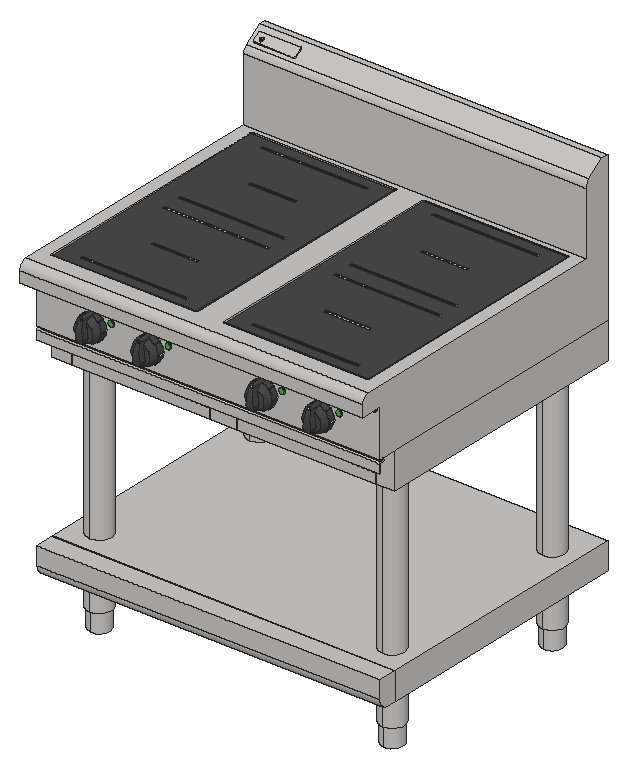
Revit family "QF_Moffat_IN8400R5-LS_Induction_Cooktop_cat", category Specialty Equipment, Revit 2019
Family settings
  Round Connector Dimension = Use Diameter
  Part Type = Normal
  Work Plane-Based = No
  Always vertical = Yes
  Cut with Voids When Loaded = No
  Shared = No
  Room Calculation Point = No
Parameters (values of type "INB8400R5-LS_415/60/3")
  Weight in Kilograms = 105
  Watts = 20000 W
  Volts = 415 V
  URL Cutsheet = ""
  Specification by User = ""
  Specification by Manufacturer = ""
  Show Logo [instance] = yes
  Serial Number = ""
  Seismic Rating = ""
  SMACNA No = ""
  Revision Code = ""
  Phase = 3
  Number of Poles = 1
  NAFEM Spec ID Number = ""
  Model = "IN8400R5-LS"
  Min Ckt Ampacity = 0 A
  Max Overcurrent Protection = 0 A
  Masterspec = ""
  Manufacturer = "Moffat"
  Length = 900 mm
  Item Number = ""
  Installed By = ""
  Identify Quantity as Lot = yes
  Height = 1130 mm
  HP = ""
  Furnished By = ""
  Foodservice Equipment Identifier = yes
  FL Amps = 28 A
  Electrical Remarks = ""
  Electric Connection Type = ""
  Elec Conn RI Height = 0 mm
  Elec Conn Connection Height = 0 mm
  Description = "Induction Cooktop"
  Depth = 805 mm
  Cycle = 60 Hz
  Conn Plug = ""
  Conn Conduit = yes
  CSI MasterFormat = ""
  Apparent Power = if(Phase = 3, Volts * FL Amps * 1.73, Volts * FL Amps)  # 20102.6 VA
Reference planes
  plane 1 "BACK": y = 0
  plane 2: z = 0
  plane 3 "LEFT": x = 0
  plane 4 "RIGHT": x = 900
  plane 5 "FRONT": y = -805
  plane 6 "TOP": z = 1130
  plane 7 "Center Y": x = 450
  plane 8 "Center X": y = -402.5
  plane 9: x = 65.5
  plane 10: x = 834.5
  plane 11: y = -30
  plane 12: z = 150
  plane 13: y = -100
  plane 14: y = -625
  plane 15: y = -70
  plane 16: z = 915
  plane 17: x = 770
Forms (mm)
  Extrusion 1, solid, material "QF_Metal_Stainless_Polished"
    sketch origin (0, 0, 560) x (0, 1, 0) y (0, 0, 1)
      loop
        line (0, 180) -> (0, 570) -> (-18.182, 570) -> (-60.863, 538.99)
        arc (-60.863, 538.99) -> (-67.584, 531.121) -> (-70, 521.058) r 22.165
        line (-70, 521.058) -> (-70, 355) -> (-784.417, 355)
        arc (-784.417, 355) -> (-798.971, 348.971) -> (-805, 334.417) r 20.583
        line (-805, 334.417) -> (-805, 305) -> (-749, 305) -> (-749, 180) -> (0, 180)
    from 0 to 900
  Extrusion 2, void
    sketch origin (0, -784.171, 915) x (0, 1, 0) y (-1, 0, 0)
      loop
        arc (699.341, -37.323) -> (697.584, -33.08) -> (693.341, -31.323) r 6
        line (693.341, -31.323) -> (45.245, -31.323)
        arc (45.245, -31.323) -> (41.002, -33.08) -> (39.245, -37.323) r 6
        line (39.245, -37.323) -> (39.245, -410.105)
        arc (39.245, -410.105) -> (41.002, -414.347) -> (45.245, -416.105) r 6
        line (45.245, -416.105) -> (693.341, -416.105)
        arc (693.341, -416.105) -> (697.584, -414.347) -> (699.341, -410.105) r 6
        line (699.341, -410.105) -> (699.341, -37.323)
      loop
        line (699.341, -862.677) -> (699.341, -489.895)
        arc (699.341, -489.895) -> (697.584, -485.653) -> (693.341, -483.895) r 6
        line (693.341, -483.895) -> (45.245, -483.895)
        arc (45.245, -483.895) -> (41.002, -485.653) -> (39.245, -489.895) r 6
        line (39.245, -489.895) -> (39.245, -862.677)
        arc (39.245, -862.677) -> (41.002, -866.92) -> (45.245, -868.677) r 6
        line (45.245, -868.677) -> (693.341, -868.677)
        arc (693.341, -868.677) -> (697.584, -866.92) -> (699.341, -862.677) r 6
    from 0 to -9.5
  Extrusion 3, solid, material "QF_Plastic_Black_Smooth"
    sketch origin (0, -784.171, 915) x (0, 1, 0) y (-1, 0, 0)
      loop
        line (695.341, -410.105) -> (695.341, -37.323)
        arc (695.341, -37.323) -> (694.755, -35.908) -> (693.341, -35.323) r 2
        line (693.341, -35.323) -> (45.245, -35.323)
        arc (45.245, -35.323) -> (43.831, -35.908) -> (43.245, -37.323) r 2
        line (43.245, -37.323) -> (43.245, -410.105)
        arc (43.245, -410.105) -> (43.831, -411.519) -> (45.245, -412.105) r 2
        line (45.245, -412.105) -> (693.341, -412.105)
        arc (693.341, -412.105) -> (694.755, -411.519) -> (695.341, -410.105) r 2
      loop
        line (667.194, -86.598) -> (661.194, -86.598) -> (661.194, -363.75) -> (667.194, -363.75) -> (667.194, -86.598)
      loop
        line (526.611, -163.924) -> (526.611, -283.924) -> (532.611, -283.924) -> (532.611, -163.924) -> (526.611, -163.924)
      loop
        line (398.444, -86.598) -> (392.444, -86.598) -> (392.444, -363.75) -> (398.444, -363.75) -> (398.444, -86.598)
      loop
        line (345.944, -86.598) -> (339.944, -86.598) -> (339.944, -363.75) -> (345.944, -363.75) -> (345.944, -86.598)
      loop
        line (206.611, -163.924) -> (206.611, -283.924) -> (212.611, -283.924) -> (212.611, -163.924) -> (206.611, -163.924)
      loop
        line (77.194, -86.598) -> (71.194, -86.598) -> (71.194, -363.75) -> (77.194, -363.75) -> (77.194, -86.598)
      loop
        arc (695.341, -489.895) -> (694.755, -488.481) -> (693.341, -487.895) r 2
        line (693.341, -487.895) -> (45.245, -487.895)
        arc (45.245, -487.895) -> (43.831, -488.481) -> (43.245, -489.895) r 2
        line (43.245, -489.895) -> (43.245, -862.677)
        arc (43.245, -862.677) -> (43.831, -864.092) -> (45.245, -864.677) r 2
        line (45.245, -864.677) -> (693.341, -864.677)
        arc (693.341, -864.677) -> (694.755, -864.092) -> (695.341, -862.677) r 2
        line (695.341, -862.677) -> (695.341, -489.895)
      loop
        line (667.194, -813.402) -> (667.194, -536.25) -> (661.194, -536.25) -> (661.194, -813.402) -> (667.194, -813.402)
      loop
        line (526.611, -736.076) -> (532.611, -736.076) -> (532.611, -616.076) -> (526.611, -616.076) -> (526.611, -736.076)
      loop
        line (398.444, -813.402) -> (398.444, -536.25) -> (392.444, -536.25) -> (392.444, -813.402) -> (398.444, -813.402)
      loop
        line (345.944, -813.402) -> (345.944, -536.25) -> (339.944, -536.25) -> (339.944, -813.402) -> (345.944, -813.402)
      loop
        line (206.611, -736.076) -> (212.611, -736.076) -> (212.611, -616.076) -> (206.611, -616.076) -> (206.611, -736.076)
      loop
        line (77.194, -813.402) -> (77.194, -536.25) -> (71.194, -536.25) -> (71.194, -813.402) -> (77.194, -813.402)
    from 0 to -9.5
  Extrusion 4, solid, material "QF_Metal_Stainless_Polished"
    sketch origin (0, 0, 600) x (0, 1, 0) y (0, 0, 1)
      loop
        line (-739.467, 140) -> (-738.192, 134.838)
        arc (-738.192, 134.838) -> (-738.307, 134.302) -> (-738.799, 134.063) r 0.625
        line (-738.799, 134.063) -> (-746.111, 134.063)
        arc (-746.111, 134.063) -> (-748.011, 133.276) -> (-748.797, 131.377) r 2.686
        line (-748.797, 131.377) -> (-748.797, 107.627) -> (-747.197, 107.627) -> (-747.197, 131.242)
        arc (-747.197, 131.242) -> (-746.84, 132.105) -> (-745.976, 132.463) r 1.221
        line (-745.976, 132.463) -> (-738.755, 132.463)
        arc (-738.755, 132.463) -> (-737.028, 133.304) -> (-736.625, 135.182) r 2.194
        line (-736.625, 135.182) -> (-737.815, 140) -> (-739.467, 140)
    from 0 to 900
  Extrusion 5, solid, material "QF_Plastic_Black_Smooth"
    sketch origin (0, -749, 741.875) x (0, 0, 1) y (-1, 0, 0)
      loop
        circle (112.843, -13.157) r 5
      loop
        circle (112.843, -886.843) r 5
    from 0 to 1.6
  Extrusion 6, solid, material "QF_Metal_Stainless_Polished"
    sketch origin (450, -699, 645) x (0, 1, 0) y (1, 0, 0)
      loop
        circle (669, 320) r 6.35
    from 0 to 10
  Extrusion 7, solid, material "QF_Metal_Stainless_Polished"
    sketch origin (0, -699, 645) x (1, 0, 0) y (0, -1, 0)
      loop
        line (0, -699) -> (900, -699) -> (900, 0) -> (849.2, 0) -> (849.2, -25.4) -> (485.8, -25.4) -> (485.8, 0) -> (414.2, 0) -> (414.2, -25.4) -> (50.8, -25.4) -> (50.8, 0) -> (0, 0) -> (0, -699)
    from 0 to -95
  Extrusion 8, solid, material "QF_Metal_Stainless_Polished"
    sketch origin (50.8, -30, 645) x (0, 1, 0) y (0, 0, 1)
      loop
        line (-669, 0) -> (-643.6, 0) -> (-643.6, 26.45) -> (-669, 26.45) -> (-669, 0)
      loop
        line (-669, 32.45) -> (-643.6, 32.45) -> (-643.6, 66.4) -> (-669, 66.4) -> (-669, 32.45)
      loop
        line (-669, 67.4) -> (-643.6, 67.4) -> (-643.6, 95) -> (-669, 95) -> (-669, 67.4)
    from 0 to 363.4
  Extrusion 9, solid, material "QF_Metal_Stainless_Polished"
    sketch origin (900, 0, 560) x (-1, 0, 0) y (0, -1, 0)
      loop
        line (536.25, 122.976) -> (536.25, 116.976) -> (813.402, 116.976) -> (813.402, 122.976) -> (536.25, 122.976)
      loop
        line (736.076, 251.56) -> (736.076, 257.56) -> (616.076, 257.56) -> (616.076, 251.56) -> (736.076, 251.56)
      loop
        line (813.402, 385.726) -> (813.402, 391.726) -> (536.25, 391.726) -> (536.25, 385.726) -> (813.402, 385.726)
      loop
        line (813.402, 438.226) -> (813.402, 444.226) -> (536.25, 444.226) -> (536.25, 438.226) -> (813.402, 438.226)
      loop
        line (736.076, 571.56) -> (736.076, 577.56) -> (616.076, 577.56) -> (616.076, 571.56) -> (736.076, 571.56)
      loop
        line (536.25, 712.976) -> (536.25, 706.976) -> (813.402, 706.976) -> (813.402, 712.976) -> (536.25, 712.976)
      loop
        line (363.75, 122.976) -> (86.598, 122.976) -> (86.598, 116.976) -> (363.75, 116.976) -> (363.75, 122.976)
      loop
        line (163.924, 251.56) -> (283.924, 251.56) -> (283.924, 257.56) -> (163.924, 257.56) -> (163.924, 251.56)
      loop
        line (86.598, 385.726) -> (363.75, 385.726) -> (363.75, 391.726) -> (86.598, 391.726) -> (86.598, 385.726)
      loop
        line (86.598, 438.226) -> (363.75, 438.226) -> (363.75, 444.226) -> (86.598, 444.226) -> (86.598, 438.226)
      loop
        line (163.924, 571.56) -> (283.924, 571.56) -> (283.924, 577.56) -> (163.924, 577.56) -> (163.924, 571.56)
      loop
        line (363.75, 712.976) -> (86.598, 712.976) -> (86.598, 706.976) -> (363.75, 706.976) -> (363.75, 712.976)
    from 355 to 345.5
  Extrusion 10, solid, material "QF_Paint_Green"
    sketch origin (63.231, -748.999, 713.75) x (0, 0, 1) y (-1, 0, 0)
      loop
        circle (100.3, -282.5) r 7.15
    from 0 to 1.6
  Extrusion 11, solid, material "QF_Plastic_Black_Smooth"
    sketch origin (75, -748.999, 725.625) x (0, 0, 1) y (-1, 0, 0)
      loop
        circle (112.843, -225) r 5
    from 0 to 1.6
  Extrusion 12, solid, material "QF_Paint_Green"
    sketch origin (-86.769, -748.999, 713.75) x (0, 0, 1) y (-1, 0, 0)
      loop
        circle (100.3, -282.5) r 7.15
    from 0 to 1.6
  Extrusion 13, solid, material "QF_Plastic_Black_Smooth"
    sketch origin (-75, -748.999, 725.625) x (0, 0, 1) y (-1, 0, 0)
      loop
        circle (112.843, -225) r 5
    from 0 to 1.6
  Extrusion 14, solid, material "QF_Paint_Green"
    sketch origin (511.981, -748.999, 713.75) x (0, 0, 1) y (-1, 0, 0)
      loop
        circle (100.3, -282.5) r 7.15
    from 0 to 1.6
  Extrusion 15, solid, material "QF_Plastic_Black_Smooth"
    sketch origin (523.75, -748.999, 725.625) x (0, 0, 1) y (-1, 0, 0)
      loop
        circle (112.843, -225) r 5
    from 0 to 1.6
  Extrusion 16, solid, material "QF_Paint_Green"
    sketch origin (361.981, -748.999, 713.75) x (0, 0, 1) y (-1, 0, 0)
      loop
        circle (100.3, -282.5) r 7.15
    from 0 to 1.6
  Extrusion 17, solid, material "QF_Plastic_Black_Smooth"
    sketch origin (373.75, -748.999, 725.625) x (0, 0, 1) y (-1, 0, 0)
      loop
        circle (112.843, -225) r 5
    from 0 to 1.6
  Extrusion 18, solid, material "QF_Metal_Stainless_Polished"
    sketch origin (849.2, -30, 645) x (0, 1, 0) y (0, 0, -1)
      loop
        line (-669, 0) -> (-669, -26.45) -> (-643.6, -26.45) -> (-643.6, 0) -> (-669, 0)
      loop
        line (-669, -32.45) -> (-669, -66.4) -> (-643.6, -66.4) -> (-643.6, -32.45) -> (-669, -32.45)
      loop
        line (-669, -67.4) -> (-669, -95) -> (-643.6, -95) -> (-643.6, -67.4) -> (-669, -67.4)
    from 0 to 363.4
Cuts and joins
  Extrusion 2 cuts Extrusion 1
Lines and regions (mm)
  symbolic lines
    curve 1: line (0, 0, 0) -> (900, 0, 0)
    curve 2: line (0, -805, 0) -> (0, 0, 0)
    curve 3: line (900, -805, 0) -> (0, -805, 0)
    curve 4: line (900, 0, 0) -> (900, -805, 0)
    curve 5: line (0, -18.182, 0) -> (900, -18.182, 0)
    curve 6: line (0, -70, 0) -> (450, -70, 0)
    curve 7: line (37.323, -84.83, 0) -> (410.105, -84.83, 0)
    curve 8: arc (410.105, -84.83, 0) -> (414.347, -86.587, 0) -> (416.105, -90.83, 0) r 6
    curve 9: line (416.105, -90.83, 0) -> (416.105, -738.926, 0)
    curve 10: arc (416.105, -738.926, 0) -> (414.347, -743.168, 0) -> (410.105, -744.926, 0) r 6
    curve 11: line (410.105, -744.926, 0) -> (37.323, -744.926, 0)
    curve 12: arc (37.323, -744.926, 0) -> (33.08, -743.168, 0) -> (31.323, -738.926, 0) r 6
    curve 13: line (31.323, -738.926, 0) -> (31.323, -90.83, 0)
    curve 14: arc (31.323, -90.83, 0) -> (33.08, -86.587, 0) -> (37.323, -84.83, 0) r 6
    curve 15: line (410.105, -88.83, 0) -> (37.323, -88.83, 0)
    curve 16: arc (37.323, -88.83, 0) -> (35.908, -89.415, 0) -> (35.323, -90.83, 0) r 2
    curve 17: line (35.323, -90.83, 0) -> (35.323, -738.926, 0)
    curve 18: arc (35.323, -738.926, 0) -> (35.908, -740.34, 0) -> (37.323, -740.926, 0) r 2
    curve 19: line (37.323, -740.926, 0) -> (410.105, -740.926, 0)
    curve 20: arc (410.105, -740.926, 0) -> (411.519, -740.34, 0) -> (412.105, -738.926, 0) r 2
    curve 21: line (412.105, -738.926, 0) -> (412.105, -90.83, 0)
    curve 22: arc (412.105, -90.83, 0) -> (411.519, -89.415, 0) -> (410.105, -88.83, 0) r 2
    curve 23: line (416.105, -738.926, 0) -> (416.105, -90.83, 0)
    curve 24: line (412.105, -90.83, 0) -> (412.105, -738.926, 0)
    curve 25: line (862.677, -84.83, 0) -> (489.895, -84.83, 0)
    curve 26: arc (489.895, -84.83, 0) -> (485.653, -86.587, 0) -> (483.895, -90.83, 0) r 6
    curve 27: arc (483.895, -738.926, 0) -> (485.653, -743.168, 0) -> (489.895, -744.926, 0) r 6
    curve 28: line (489.895, -744.926, 0) -> (862.677, -744.926, 0)
    curve 29: arc (862.677, -744.926, 0) -> (866.92, -743.168, 0) -> (868.677, -738.926, 0) r 6
    curve 30: line (868.677, -738.926, 0) -> (868.677, -90.83, 0)
    curve 31: arc (868.677, -90.83, 0) -> (866.92, -86.587, 0) -> (862.677, -84.83, 0) r 6
    curve 32: line (489.895, -88.83, 0) -> (862.677, -88.83, 0)
    curve 33: arc (862.677, -88.83, 0) -> (864.092, -89.415, 0) -> (864.677, -90.83, 0) r 2
    curve 34: line (864.677, -90.83, 0) -> (864.677, -738.926, 0)
    curve 35: arc (864.677, -738.926, 0) -> (864.092, -740.34, 0) -> (862.677, -740.926, 0) r 2
    curve 36: line (862.677, -740.926, 0) -> (489.895, -740.926, 0)
    curve 37: arc (489.895, -740.926, 0) -> (488.481, -740.34, 0) -> (487.895, -738.926, 0) r 2
    curve 38: arc (487.895, -90.83, 0) -> (488.481, -89.415, 0) -> (489.895, -88.83, 0) r 2
    curve 39: line (487.895, -90.83, 0) -> (487.895, -738.926, 0)
    curve 40: arc (487.895, -738.926, 0) -> (488.481, -740.34, 0) -> (489.895, -740.926, 0) r 2
    curve 41: line (489.895, -740.926, 0) -> (862.677, -740.926, 0)
    curve 42: arc (862.677, -740.926, 0) -> (864.092, -740.34, 0) -> (864.677, -738.926, 0) r 2
    curve 43: line (864.677, -738.926, 0) -> (864.677, -90.83, 0)
    curve 44: arc (864.677, -90.83, 0) -> (864.092, -89.415, 0) -> (862.677, -88.83, 0) r 2
    curve 45: line (862.677, -88.83, 0) -> (489.895, -88.83, 0)
    curve 46: arc (489.895, -88.83, 0) -> (488.481, -89.415, 0) -> (487.895, -90.83, 0) r 2
    curve 47: line (483.895, -90.83, 0) -> (483.895, -738.926, 0)
    curve 48: arc (483.895, -738.926, 0) -> (485.653, -743.168, 0) -> (489.895, -744.926, 0) r 6
    curve 49: line (489.895, -744.926, 0) -> (862.677, -744.926, 0)
    curve 50: arc (862.677, -744.926, 0) -> (866.92, -743.168, 0) -> (868.677, -738.926, 0) r 6
    curve 51: line (868.677, -738.926, 0) -> (868.677, -90.83, 0)
    curve 52: arc (868.677, -90.83, 0) -> (866.92, -86.587, 0) -> (862.677, -84.83, 0) r 6
    curve 53: line (862.677, -84.83, 0) -> (489.895, -84.83, 0)
    curve 54: arc (489.895, -84.83, 0) -> (485.653, -86.587, 0) -> (483.895, -90.83, 0) r 6
    curve 55: line (86.598, -122.976, 0) -> (363.75, -122.976, 0)
    curve 56: line (363.75, -122.976, 0) -> (363.75, -116.976, 0)
    curve 57: line (363.75, -116.976, 0) -> (86.598, -116.976, 0)
    curve 58: line (86.598, -116.976, 0) -> (86.598, -122.976, 0)
    curve 59: line (283.924, -251.56, 0) -> (163.924, -251.56, 0)
    curve 60: line (163.924, -251.56, 0) -> (163.924, -257.56, 0)
    curve 61: line (163.924, -257.56, 0) -> (283.924, -257.56, 0)
    curve 62: line (283.924, -257.56, 0) -> (283.924, -251.56, 0)
    curve 63: line (536.25, -122.976, 0) -> (813.402, -122.976, 0)
    curve 64: line (813.402, -122.976, 0) -> (813.402, -116.976, 0)
    curve 65: line (813.402, -116.976, 0) -> (536.25, -116.976, 0)
    curve 66: line (536.25, -116.976, 0) -> (536.25, -122.976, 0)
    curve 67: line (736.076, -251.56, 0) -> (616.076, -251.56, 0)
    curve 68: line (616.076, -251.56, 0) -> (616.076, -257.56, 0)
    curve 69: line (616.076, -257.56, 0) -> (736.076, -257.56, 0)
    curve 70: line (736.076, -257.56, 0) -> (736.076, -251.56, 0)
    curve 71: line (736.076, -571.56, 0) -> (616.076, -571.56, 0)
    curve 72: line (616.076, -571.56, 0) -> (616.076, -577.56, 0)
    curve 73: line (616.076, -577.56, 0) -> (736.076, -577.56, 0)
    curve 74: line (736.076, -577.56, 0) -> (736.076, -571.56, 0)
    curve 75: line (813.402, -706.976, 0) -> (536.25, -706.976, 0)
    curve 76: line (536.25, -706.976, 0) -> (536.25, -712.976, 0)
    curve 77: line (536.25, -712.976, 0) -> (813.402, -712.976, 0)
    curve 78: line (813.402, -712.976, 0) -> (813.402, -706.976, 0)
    curve 79: line (86.598, -712.976, 0) -> (363.75, -712.976, 0)
    curve 80: line (363.75, -712.976, 0) -> (363.75, -706.976, 0)
    curve 81: line (363.75, -706.976, 0) -> (86.598, -706.976, 0)
    curve 82: line (86.598, -706.976, 0) -> (86.598, -712.976, 0)
    curve 83: line (283.924, -577.56, 0) -> (163.924, -577.56, 0)
    curve 84: line (163.924, -577.56, 0) -> (163.924, -571.56, 0)
    curve 85: line (163.924, -571.56, 0) -> (283.924, -571.56, 0)
    curve 86: line (283.924, -571.56, 0) -> (283.924, -577.56, 0)
    curve 87: line (86.598, -444.226, 0) -> (363.75, -444.226, 0)
    curve 88: line (363.75, -444.226, 0) -> (363.75, -438.226, 0)
    curve 89: line (363.75, -438.226, 0) -> (86.598, -438.226, 0)
    curve 90: line (86.598, -438.226, 0) -> (86.598, -444.226, 0)
    curve 91: line (86.598, -391.726, 0) -> (363.75, -391.726, 0)
    curve 92: line (363.75, -391.726, 0) -> (363.75, -385.726, 0)
    curve 93: line (363.75, -385.726, 0) -> (86.598, -385.726, 0)
    curve 94: line (86.598, -385.726, 0) -> (86.598, -391.726, 0)
    curve 95: line (0, 0, 560) -> (900, 0, 560)
    curve 96: line (0, -805, 560) -> (0, 0, 560)
    curve 97: line (900, -805, 560) -> (0, -805, 560)
    curve 98: line (900, 0, 560) -> (900, -805, 560)
    curve 99: line (0, -18.182, 560) -> (900, -18.182, 560)
    curve 100: line (0, -70, 560) -> (900, -70, 560)
    curve 101: line (416.105, -90.83, 560) -> (416.105, -738.926, 560)
    curve 102: line (412.105, -738.926, 560) -> (412.105, -90.83, 560)
    curve 103: line (416.105, -738.926, 560) -> (416.105, -90.83, 560)
    curve 104: line (412.105, -90.83, 560) -> (412.105, -738.926, 560)
    curve 105: line (862.677, -84.83, 560) -> (489.895, -84.83, 560)
    curve 106: arc (483.895, -738.926, 560) -> (485.653, -743.168, 560) -> (489.895, -744.926, 560) r 6
    curve 107: line (489.895, -744.926, 560) -> (862.677, -744.926, 560)
    curve 108: arc (862.677, -744.926, 560) -> (866.92, -743.168, 560) -> (868.677, -738.926, 560) r 6
    curve 109: arc (864.677, -738.926, 560) -> (864.092, -740.34, 560) -> (862.677, -740.926, 560) r 2
    curve 110: line (862.677, -740.926, 560) -> (489.895, -740.926, 560)
    curve 111: arc (489.895, -740.926, 560) -> (488.481, -740.34, 560) -> (487.895, -738.926, 560) r 2
    curve 112: arc (487.895, -738.926, 560) -> (488.481, -740.34, 560) -> (489.895, -740.926, 560) r 2
    curve 113: line (489.895, -740.926, 560) -> (862.677, -740.926, 560)
    curve 114: arc (862.677, -740.926, 560) -> (864.092, -740.34, 560) -> (864.677, -738.926, 560) r 2
    curve 115: arc (483.895, -738.926, 560) -> (485.653, -743.168, 560) -> (489.895, -744.926, 560) r 6
    curve 116: line (489.895, -744.926, 560) -> (862.677, -744.926, 560)
    curve 117: arc (862.677, -744.926, 560) -> (866.92, -743.168, 560) -> (868.677, -738.926, 560) r 6
    curve 118: line (86.598, -122.976, 560) -> (363.75, -122.976, 560)
    curve 119: line (363.75, -122.976, 560) -> (363.75, -116.976, 560)
    curve 120: line (363.75, -116.976, 560) -> (86.598, -116.976, 560)
    curve 121: line (86.598, -116.976, 560) -> (86.598, -122.976, 560)
    curve 122: line (283.924, -251.56, 560) -> (163.924, -251.56, 560)
    curve 123: line (163.924, -251.56, 560) -> (163.924, -257.56, 560)
    curve 124: line (163.924, -257.56, 560) -> (283.924, -257.56, 560)
    curve 125: line (283.924, -257.56, 560) -> (283.924, -251.56, 560)
    curve 126: line (536.25, -122.976, 560) -> (813.402, -122.976, 560)
    curve 127: line (813.402, -122.976, 560) -> (813.402, -116.976, 560)
    curve 128: line (813.402, -116.976, 560) -> (536.25, -116.976, 560)
    curve 129: line (536.25, -116.976, 560) -> (536.25, -122.976, 560)
    curve 130: line (736.076, -251.56, 560) -> (616.076, -251.56, 560)
    curve 131: line (616.076, -251.56, 560) -> (616.076, -257.56, 560)
    curve 132: line (616.076, -257.56, 560) -> (736.076, -257.56, 560)
    curve 133: line (736.076, -257.56, 560) -> (736.076, -251.56, 560)
    curve 134: line (736.076, -571.56, 560) -> (616.076, -571.56, 560)
    curve 135: line (616.076, -571.56, 560) -> (616.076, -577.56, 560)
    curve 136: line (616.076, -577.56, 560) -> (736.076, -577.56, 560)
    curve 137: line (736.076, -577.56, 560) -> (736.076, -571.56, 560)
    curve 138: line (813.402, -706.976, 560) -> (536.25, -706.976, 560)
    curve 139: line (536.25, -706.976, 560) -> (536.25, -712.976, 560)
    curve 140: line (536.25, -712.976, 560) -> (813.402, -712.976, 560)
    curve 141: line (813.402, -712.976, 560) -> (813.402, -706.976, 560)
    curve 142: line (86.598, -712.976, 560) -> (363.75, -712.976, 560)
    curve 143: line (363.75, -712.976, 560) -> (363.75, -706.976, 560)
    curve 144: line (363.75, -706.976, 560) -> (86.598, -706.976, 560)
    curve 145: line (86.598, -706.976, 560) -> (86.598, -712.976, 560)
    curve 146: line (283.924, -577.56, 560) -> (163.924, -577.56, 560)
    curve 147: line (163.924, -577.56, 560) -> (163.924, -571.56, 560)
    curve 148: line (163.924, -571.56, 560) -> (283.924, -571.56, 560)
    curve 149: line (283.924, -571.56, 560) -> (283.924, -577.56, 560)
    curve 150: line (86.598, -444.226, 560) -> (363.75, -444.226, 560)
    curve 151: line (363.75, -444.226, 560) -> (363.75, -438.226, 560)
    curve 152: line (363.75, -438.226, 560) -> (86.598, -438.226, 560)
    curve 153: line (86.598, -438.226, 560) -> (86.598, -444.226, 560)
    curve 154: line (86.598, -391.726, 560) -> (363.75, -391.726, 560)
    curve 155: line (363.75, -391.726, 560) -> (363.75, -385.726, 560)
    curve 156: line (363.75, -385.726, 560) -> (86.598, -385.726, 560)
    curve 157: line (86.598, -385.726, 560) -> (86.598, -391.726, 560)
    curve 158: line (536.25, -391.726, 560) -> (813.402, -391.726, 560)
    curve 159: line (813.402, -391.726, 560) -> (813.402, -385.726, 560)
    curve 160: line (813.402, -385.726, 560) -> (536.25, -385.726, 560)
    curve 161: line (536.25, -385.726, 560) -> (536.25, -391.726, 560)
    curve 162: line (536.25, -444.226, 560) -> (813.402, -444.226, 560)
    curve 163: line (813.402, -444.226, 560) -> (813.402, -438.226, 560)
    curve 164: line (813.402, -438.226, 560) -> (536.25, -438.226, 560)
    curve 165: line (536.25, -438.226, 560) -> (536.25, -444.226, 560)
Dimensions and locks
  equal spacing: plane 3 "LEFT", plane 7 "Center Y", plane 4 "RIGHT"
  "Length": plane 3 "LEFT" to plane 4 "RIGHT"
  equal spacing: plane 5 "FRONT", plane 8 "Center X", plane 1 "BACK"
  "Depth": plane 5 "FRONT" to plane 1 "BACK"
  "Height": plane 6 "TOP" to level
  plane 9 to plane 10 = 769 mm
  plane 4 "RIGHT" to plane 3 "LEFT" = 900 mm
  plane 6 "TOP" to plane 2 = 1130 mm
  plane 1 "BACK" to plane 11 = 30 mm
  plane 1 "BACK" to plane 13 to plane 14 = 100 mm, 525 mm
  plane 1 "BACK" to plane 15 = 70 mm
  plane 16 to level = 915 mm  (x2)
  level to plane 12 = 150 mm
  plane 12 to level = 150 mm
  plane 4 "RIGHT" to plane 17 = 130 mm
  plane 1 "BACK" to plane 5 "FRONT" = 805 mm
  locked: plane 10 to plane 4 "RIGHT" at 65.5
  aligned and locked: level to plane 2
  aligned and locked: plane 7 "Center Y" to nested 1
  aligned and locked: plane 8 "Center X" to nested 1
  aligned and locked: Extrusion 18 to Extrusion 7  (x2)
Automatic sketch dimensions
  Extrusion 1 sketch curve to plane 5 "FRONT" = 0 mm
  Extrusion 1 sketch curve to plane 16 = 0 mm
  Extrusion 1 sketch curve to plane 15 = 0 mm
  Extrusion 1 sketch curve to plane 6 "TOP" = 0 mm
  Extrusion 1 sketch curve to plane 1 "BACK" = 0 mm
  Extrusion 1 sketch curve to plane 5 "FRONT" = 20.583 mm
  Extrusion 1 sketch curve to plane 5 "FRONT" = 56 mm
  Extrusion 1 sketch curve to plane 15 = 9.137 mm
  plane 11 to Extrusion 1 sketch curve = 17.835 mm
  Extrusion 1 sketch curve to plane 11 = 11.818 mm
  Extrusion 1 sketch curve to Extrusion 1 sketch curve = 29.417 mm
  Extrusion 1 sketch curve to plane 16 = 175 mm
  Extrusion 1 sketch curve to plane 6 "TOP" = 48.942 mm
  Extrusion 2 sketch curve to Extrusion 1 = 39.492 mm  (x2)
  Extrusion 2 sketch curve to Extrusion 2 sketch curve = 6 mm  (x6)
  Extrusion 1 to Extrusion 2 sketch curve = 20.83 mm  (x4)
  Extrusion 1 to Extrusion 2 sketch curve = 31.323 mm
  Extrusion 2 sketch curve to Extrusion 2 sketch curve = 372.782 mm
  Extrusion 2 sketch curve to Extrusion 2 sketch curve = 67.791 mm
  Extrusion 1 to Extrusion 2 sketch curve = 37.323 mm
  Extrusion 4 sketch curve to plane 5 "FRONT" = 56.203 mm
  Extrusion 4 sketch curve to Extrusion 4 sketch curve = 1.6 mm
  Extrusion 4 sketch curve to Extrusion 4 sketch curve = 1.086 mm
  Extrusion 4 sketch curve to Extrusion 4 sketch curve = 0.135 mm  (x2)
  Extrusion 4 sketch curve to Extrusion 4 sketch curve = 6.644 mm
  Extrusion 4 sketch curve to Extrusion 4 sketch curve = 0.668 mm
  Extrusion 4 sketch curve to Extrusion 4 sketch curve = 0.044 mm
  Extrusion 4 sketch curve to Extrusion 4 sketch curve = 0.563 mm
  Extrusion 4 sketch curve to Extrusion 4 sketch curve = 1.652 mm
  Extrusion 4 sketch curve to Extrusion 4 sketch curve = 1.567 mm
  Extrusion 4 sketch curve to plane 16 = 207.373 mm
  Extrusion 4 sketch curve to Extrusion 4 sketch curve = 23.614 mm
  Extrusion 4 sketch curve to Extrusion 4 sketch curve = 0.594 mm
  Extrusion 4 sketch curve to Extrusion 4 sketch curve = 0.032 mm
  Extrusion 4 sketch curve to Extrusion 4 sketch curve = 5.162 mm
  Extrusion 1 to Extrusion 5 sketch curve = 10.282 mm  (x2)
  Extrusion 1 to Extrusion 5 sketch curve = 13.157 mm  (x2)
  Extrusion 12 sketch curve to plane 16 = 100.95 mm
  Extrusion 12 sketch curve to plane 9 = 130.231 mm
  Extrusion 13 sketch curve to plane 16 = 76.532 mm
  Extrusion 13 sketch curve to plane 9 = 84.5 mm
  plane 17 to Extrusion 14 sketch curve = 24.481 mm
  Extrusion 14 sketch curve to plane 16 = 100.95 mm
  Extrusion 15 sketch curve to plane 17 = 21.25 mm
  Extrusion 15 sketch curve to plane 16 = 76.532 mm
  Extrusion 16 sketch curve to plane 16 = 100.95 mm
  Extrusion 16 sketch curve to plane 17 = 125.519 mm
  plane 14 to Extrusion 18 sketch curve = 74 mm
  Extrusion 18 sketch curve to Extrusion 18 sketch curve = 0 mm  (x4)
  Extrusion 18 sketch curve to Extrusion 18 sketch curve = 25.4 mm
  Extrusion 18 sketch curve to plane 16 = 175 mm
  Extrusion 18 sketch curve to Extrusion 18 sketch curve = 27.6 mm
  Extrusion 18 sketch curve to Extrusion 18 sketch curve = 1 mm
  Extrusion 18 sketch curve to Extrusion 18 sketch curve = 33.95 mm
  Extrusion 18 sketch curve to Extrusion 18 sketch curve = 6 mm
  Extrusion 18 sketch curve to Extrusion 18 sketch curve = 26.45 mm
  Extrusion 3 sketch curve to Extrusion 1 = 43.492 mm  (x2)
  Extrusion 3 sketch curve to Extrusion 3 sketch curve = 2 mm  (x6)
  Extrusion 3 sketch curve to Extrusion 3 sketch curve = 25.949 mm  (x2)
  Extrusion 3 sketch curve to Extrusion 3 sketch curve = 6 mm  (x12)
  Extrusion 3 sketch curve to Extrusion 3 sketch curve = 129.416 mm  (x2)
  Extrusion 3 sketch curve to Extrusion 3 sketch curve = 127.334 mm  (x2)
  Extrusion 3 sketch curve to Extrusion 3 sketch curve = 46.5 mm  (x2)
  Extrusion 3 sketch curve to Extrusion 3 sketch curve = 128.166 mm  (x2)
  Extrusion 1 to Extrusion 3 sketch curve = 52.976 mm  (x2)
  Extrusion 1 to Extrusion 3 sketch curve = 20.83 mm  (x4)
  Extrusion 1 to Extrusion 3 sketch curve = 35.323 mm
  Extrusion 3 sketch curve to Extrusion 3 sketch curve = 49.275 mm  (x2)
  Extrusion 1 to Extrusion 3 sketch curve = 86.598 mm  (x4)
  Extrusion 3 sketch curve to Extrusion 3 sketch curve = 0 mm  (x4)
  Extrusion 3 sketch curve to Extrusion 3 sketch curve = 77.326 mm  (x2)
  Extrusion 3 sketch curve to Extrusion 3 sketch curve = 120 mm  (x4)
  Extrusion 3 sketch curve to Extrusion 3 sketch curve = 79.826 mm  (x5)
  Extrusion 3 sketch curve to Extrusion 3 sketch curve = 46.355 mm  (x3)
  Extrusion 3 sketch curve to Extrusion 3 sketch curve = 75.791 mm
  Extrusion 3 sketch curve to Extrusion 3 sketch curve = 172.5 mm
  Extrusion 1 to Extrusion 3 sketch curve = 37.323 mm
  curve 8 to curve 22 = 0 mm  (x2)
  curve 10 to curve 20 = 0 mm  (x2)
  curve 12 to curve 18 = 0 mm  (x2)
  curve 14 to curve 16 = 0 mm  (x2)
  curve 26 to curve 38 = 0 mm  (x2)
  curve 26 to curve 46 = 0 mm  (x2)
  curve 26 to curve 54 = 0 mm  (x2)
  curve 27 to curve 37 = 0 mm  (x2)
  curve 27 to curve 40 = 0 mm  (x2)
  curve 27 to curve 48 = 0 mm  (x2)
  curve 29 to curve 35 = 0 mm  (x2)
  curve 29 to curve 42 = 0 mm  (x2)
  curve 29 to curve 50 = 0 mm  (x2)
  curve 31 to curve 33 = 0 mm  (x2)
  curve 31 to curve 44 = 0 mm  (x2)
  curve 31 to curve 52 = 0 mm  (x2)
  curve 33 to curve 44 = 0 mm  (x2)
  curve 33 to curve 52 = 0 mm  (x2)
  curve 35 to curve 42 = 0 mm  (x2)
  curve 35 to curve 50 = 0 mm  (x2)
  curve 37 to curve 40 = 0 mm  (x2)
  curve 37 to curve 48 = 0 mm  (x2)
  curve 38 to curve 46 = 0 mm  (x2)
  curve 38 to curve 54 = 0 mm  (x2)
  curve 40 to curve 48 = 0 mm  (x2)
  curve 42 to curve 50 = 0 mm  (x2)
  curve 44 to curve 52 = 0 mm  (x2)
  curve 46 to curve 54 = 0 mm  (x2)
  plane 1 "BACK" to curve 1 = 0 mm
  curve 1 to plane 3 "LEFT" = 0 mm
  curve 6 to plane 7 "Center Y" = 0 mm
  curve 5 to plane 4 "RIGHT" = 0 mm
  plane 5 "FRONT" to curve 3 = 0 mm
  plane 15 to curve 6 = 0 mm
  plane 3 "LEFT" to curve 13 = 31.323 mm
  curve 13 to curve 17 = 4 mm
  curve 17 to curve 16 = 2 mm
  curve 17 to curve 18 = 2 mm
  curve 94 to plane 9 = 21.098 mm
  curve 57 to plane 9 = 21.098 mm
  curve 79 to plane 9 = 21.098 mm
  curve 87 to plane 9 = 21.098 mm
  curve 83 to plane 14 = 47.44 mm
  curve 83 to plane 9 = 98.424 mm
  curve 59 to plane 9 = 98.424 mm
  curve 60 to curve 61 = 120 mm
  curve 85 to plane 14 = 53.44 mm
  curve 84 to curve 85 = 120 mm
  curve 79 to plane 7 "Center Y" = 86.25 mm
  curve 88 to plane 8 "Center X" = 41.726 mm
  curve 88 to plane 7 "Center Y" = 86.25 mm
  plane 13 to curve 57 = 16.976 mm
  curve 57 to plane 7 "Center Y" = 86.25 mm
  plane 8 "Center X" to curve 93 = 16.774 mm
  curve 93 to curve 88 = 0 mm
  curve 10 to plane 7 "Center Y" = 39.895 mm
  curve 22 to plane 13 = 9.17 mm
  curve 22 to plane 7 "Center Y" = 39.895 mm
  curve 10 to curve 21 = 2 mm
  plane 7 "Center Y" to curve 47 = 33.895 mm
  curve 54 to curve 39 = 4 mm
  curve 38 to curve 45 = 2 mm
  curve 37 to curve 40 = 2 mm
  curve 27 to curve 77 = 46.355 mm
  plane 13 to curve 65 = 16.976 mm
  curve 38 to curve 65 = 46.355 mm
  curve 72 to plane 14 = 53.44 mm
  curve 72 to plane 17 = 153.924 mm
  curve 63 to curve 68 = 79.826 mm
  curve 70 to plane 17 = 33.924 mm
  curve 73 to plane 17 = 33.924 mm
  plane 10 to curve 65 = 21.098 mm
  plane 10 to curve 78 = 21.098 mm
  curve 33 to plane 13 = 9.17 mm
  curve 33 to plane 10 = 28.177 mm
  curve 50 to plane 10 = 28.177 mm
  curve 31 to curve 34 = 2 mm
  curve 28 to plane 5 "FRONT" = 60.074 mm
  curve 11 to plane 5 "FRONT" = 60.074 mm
  curve 29 to curve 77 = 25.949 mm
  curve 10 to curve 80 = 25.949 mm
  curve 79 to curve 82 = 6 mm
  curve 77 to curve 75 = 6 mm
  curve 73 to curve 71 = 6 mm
  curve 87 to curve 90 = 6 mm
  curve 92 to curve 92 = 6 mm
  plane 8 "Center X" to curve 68 = 144.94 mm
  plane 8 "Center X" to curve 61 = 144.94 mm
  curve 69 to curve 67 = 6 mm
  curve 61 to curve 62 = 6 mm
  curve 64 to curve 64 = 6 mm
  curve 55 to curve 57 = 6 mm
  curve 5 to plane 11 = 11.818 mm
  plane 8 "Center X" to curve 158 = 10.774 mm
  plane 7 "Center Y" to curve 158 = 86.25 mm
  curve 165 to curve 158 = 0 mm
  plane 10 to curve 159 = 21.098 mm
  plane 10 to curve 162 = 21.098 mm
  curve 163 to plane 8 "Center X" = 35.726 mm
  curve 165 to curve 164 = 6 mm
  curve 158 to curve 161 = 6 mm
  Extrusion 7 to Extrusion 6 sketch curve = 30 mm
  Extrusion 6 sketch curve to Extrusion 7 = 79.2 mm
  Extrusion 7 sketch curve to plane 3 "LEFT" = 0 mm
  Extrusion 7 sketch curve to plane 4 "RIGHT" = 0 mm
  plane 1 "BACK" to Extrusion 7 sketch curve = 0 mm
  plane 9 to Extrusion 7 sketch curve = 14.7 mm
  Extrusion 7 sketch curve to plane 7 "Center Y" = 35.8 mm
  plane 7 "Center Y" to Extrusion 7 sketch curve = 35.8 mm
  Extrusion 7 sketch curve to plane 10 = 14.7 mm
  plane 14 to Extrusion 7 sketch curve = 48.6 mm  (x2)
  Extrusion 7 sketch curve to Extrusion 7 sketch curve = 25.4 mm  (x3)
  Extrusion 8 sketch curve to Extrusion 7 = 0 mm  (x8)
  Extrusion 7 to Extrusion 8 sketch curve = 26.45 mm
  Extrusion 8 sketch curve to Extrusion 8 sketch curve = 6 mm
  Extrusion 7 to Extrusion 8 sketch curve = 28.6 mm
  Extrusion 8 sketch curve to Extrusion 8 sketch curve = 1 mm
  Extrusion 9 sketch curve to plane 10 = 21.098 mm  (x4)
  plane 17 to Extrusion 9 sketch curve = 33.924 mm  (x2)
  plane 14 to Extrusion 9 sketch curve = 47.44 mm
  Extrusion 9 sketch curve to Extrusion 9 sketch curve = 120 mm  (x2)
  plane 8 "Center X" to Extrusion 9 sketch curve = 41.726 mm  (x2)
  Extrusion 9 sketch curve to plane 7 "Center Y" = 86.25 mm  (x3)
  Extrusion 9 sketch curve to plane 8 "Center X" = 16.774 mm  (x2)
  Extrusion 9 sketch curve to Extrusion 9 sketch curve = 0 mm  (x2)
  Extrusion 9 sketch curve to plane 13 = 22.976 mm
  plane 7 "Center Y" to Extrusion 9 sketch curve = 86.25 mm  (x3)
  Extrusion 9 sketch curve to plane 13 = 16.976 mm
  plane 14 to Extrusion 9 sketch curve = 53.44 mm
  Extrusion 9 sketch curve to Extrusion 9 sketch curve = 79.826 mm  (x2)
  plane 9 to Extrusion 9 sketch curve = 98.424 mm  (x2)
  plane 9 to Extrusion 9 sketch curve = 21.098 mm  (x4)
  Extrusion 9 sketch curve to plane 14 = 81.976 mm  (x2)
  Extrusion 9 sketch curve to Extrusion 9 sketch curve = 6 mm  (x12)
  Extrusion 9 sketch curve to plane 8 "Center X" = 144.94 mm  (x2)
  Extrusion 10 sketch curve to plane 16 = 100.95 mm
  Extrusion 10 sketch curve to plane 7 "Center Y" = 104.269 mm
  Extrusion 11 sketch curve to plane 16 = 76.532 mm
  Extrusion 11 sketch curve to plane 7 "Center Y" = 150 mm
  Extrusion 17 sketch curve to plane 16 = 76.532 mm
  plane 7 "Center Y" to Extrusion 17 sketch curve = 148.75 mm
  curve 106 to curve 111 = 0 mm  (x2)
  curve 106 to curve 112 = 0 mm  (x2)
  curve 106 to curve 115 = 0 mm  (x2)
  curve 108 to curve 109 = 0 mm  (x2)
  curve 108 to curve 114 = 0 mm  (x2)
  curve 108 to curve 117 = 0 mm  (x2)
  curve 109 to curve 114 = 0 mm  (x2)
  curve 109 to curve 117 = 0 mm  (x2)
  curve 111 to curve 112 = 0 mm  (x2)
  curve 111 to curve 115 = 0 mm  (x2)
  curve 112 to curve 115 = 0 mm  (x2)
  curve 114 to curve 117 = 0 mm  (x2)
  plane 1 "BACK" to curve 95 = 0 mm
  curve 95 to plane 3 "LEFT" = 0 mm
  curve 98 to plane 4 "RIGHT" = 0 mm
  plane 5 "FRONT" to curve 97 = 0 mm
  plane 15 to curve 100 = 0 mm
  curve 153 to plane 9 = 21.098 mm
  curve 157 to plane 9 = 21.098 mm
  curve 145 to plane 9 = 21.098 mm
  curve 121 to plane 9 = 21.098 mm
  curve 148 to plane 9 = 98.424 mm
  curve 124 to plane 9 = 98.424 mm
  curve 123 to curve 125 = 120 mm
  curve 146 to plane 14 = 47.44 mm
  curve 146 to curve 146 = 120 mm
  plane 13 to curve 120 = 16.976 mm
  curve 120 to plane 7 "Center Y" = 86.25 mm
  curve 142 to plane 7 "Center Y" = 86.25 mm
  curve 152 to plane 8 "Center X" = 35.726 mm
  curve 152 to plane 7 "Center Y" = 86.25 mm
  plane 8 "Center X" to curve 154 = 10.774 mm
  curve 154 to curve 151 = 0 mm
  curve 104 to plane 7 "Center Y" = 37.895 mm
  curve 102 to curve 101 = 4 mm
  plane 7 "Center Y" to curve 107 = 39.895 mm
  plane 13 to curve 129 = 22.976 mm
  plane 7 "Center Y" to curve 129 = 86.25 mm
  curve 106 to curve 138 = 46.355 mm
  curve 135 to plane 14 = 53.44 mm
  curve 135 to plane 17 = 153.924 mm
  curve 126 to curve 130 = 79.826 mm
  curve 137 to plane 17 = 33.924 mm
  curve 133 to plane 17 = 33.924 mm
  plane 10 to curve 141 = 21.098 mm
  plane 10 to curve 128 = 21.098 mm
  curve 109 to plane 10 = 28.177 mm
  curve 116 to plane 5 "FRONT" = 60.074 mm
  curve 106 to curve 110 = 4 mm
  curve 110 to curve 117 = 2 mm
  curve 110 to curve 106 = 2 mm
  curve 104 to plane 5 "FRONT" = 66.074 mm
  curve 102 to curve 103 = 0 mm  (x2)
  curve 108 to curve 140 = 25.949 mm
  curve 102 to curve 143 = 25.949 mm
  curve 139 to curve 138 = 6 mm
  curve 142 to curve 144 = 6 mm
  curve 136 to curve 134 = 6 mm
  curve 146 to curve 148 = 6 mm
  curve 151 to curve 151 = 6 mm
  curve 154 to curve 157 = 6 mm
  plane 8 "Center X" to curve 132 = 144.94 mm
  plane 8 "Center X" to curve 125 = 144.94 mm
  curve 132 to curve 133 = 6 mm
  curve 124 to curve 122 = 6 mm
  curve 121 to curve 120 = 6 mm
  curve 126 to curve 128 = 6 mm
  curve 102 to plane 13 = 9.17 mm
  plane 15 to curve 105 = 14.83 mm
  plane 7 "Center Y" to curve 105 = 39.895 mm
  curve 105 to plane 10 = 28.177 mm
  curve 99 to plane 11 = 11.818 mm
  radius of Extrusion 5 sketch curve = 5 mm  (x2)
  radius of Extrusion 12 sketch curve = 7.15 mm
  radius of Extrusion 13 sketch curve = 5 mm
  radius of Extrusion 14 sketch curve = 7.15 mm
  radius of Extrusion 15 sketch curve = 5 mm
  radius of Extrusion 16 sketch curve = 7.15 mm
  radius of Extrusion 6 sketch curve = 6.35 mm
  radius of Extrusion 10 sketch curve = 7.15 mm
  radius of Extrusion 11 sketch curve = 5 mm
  radius of Extrusion 17 sketch curve = 5 mm
Nested families
  nested 1: "IN8400-LS_Leg Stand" at (0, 0, 0), type "IN511F-LS"
  nested 2: "QF_LOGO_Waldorf" at (12, -52.35, 1105.175), visible <- "Show Logo", type "QF_LOGO_Waldorf"
  nested 3: "Knob" at (267.5, -739.499, 760.75), type "Knob"
  nested 4: "Knob" at (117.5, -739.499, 760.75), type "Knob"
  nested 5: "Knob" at (716.25, -739.499, 760.75), type "Knob"
  nested 6: "Knob" at (566.25, -739.499, 760.75), type "Knob"
Connectors
  electrical at (770, -30, 635), driven by "Volts", driven by "Watts"
    settings: on Extrusion 6, index 5, voltage 415 V, apparent load 20000 VA, apparent load phase1 0 VA, apparent load phase2 0 VA, apparent load phase3 0 VA, power factor 1, load classification "Other", number of poles 1, system type 30, power factor state 1, is connector primary yes, connector utility no, sub classification motor no, connector description "ELEECTRICAL CONNECTION"
Definition of nested family "IN8400-LS_Leg Stand"
  Parameters (values of type "IN511F-LS")
    Model = ""
    Manufacturer = ""
    Description = ""
  Reference planes
    plane 1 "BACK": y = 0
    plane 2: z = 0
    plane 3 "LEFT": x = 0
    plane 4 "RIGHT": x = 900
    plane 5 "FRONT": y = -805
    plane 6 "TOP": z = 1130
    plane 7 "Center Y": x = 450
    plane 8 "Center X": y = -402.5
    plane 9: x = 65.5
    plane 10: x = 834.5
    plane 11: z = 635
    plane 12: y = -100
    plane 13: y = -625
    plane 14: z = 150
    plane 15: z = 645
  Forms (mm)
    Revolve 1, solid
      sketch origin (65.5, -4572, 255.2) x (0, 0, -1) y (0, -1, 0)
        loop
          line (255.2, -3974.5) -> (255.2, -3947) -> (-389.8, -3947) -> (-389.8, -3978.75) -> (205.2, -3978.75) -> (205.2, -3974.5) -> (255.2, -3974.5)
        axis (-389.8, -3947) -> (255.2, -3947)
      angle from 0 to 360
    Revolve 2, solid
      sketch origin (834.5, -4572, 255.2) x (0, 0, -1) y (0, 1, 0)
        loop
          line (255.2, 3974.5) -> (205.2, 3974.5) -> (205.2, 3978.75) -> (-389.8, 3978.75) -> (-389.8, 3947) -> (255.2, 3947) -> (255.2, 3974.5)
        axis (-389.8, 3947) -> (255.2, 3947)
      angle from 0 to 360
    Extrusion 3, solid
      sketch origin (0, 0, 0) x (0, 1, 0) y (0, 0, 1)
        loop
          line (-747.95, 222.5) -> (-747.95, 175)
          arc (-747.95, 175) -> (-740.628, 157.322) -> (-722.95, 150) r 25
          line (-722.95, 150) -> (-697.95, 150) -> (-697.95, 222.5) -> (-747.95, 222.5)
      from 0 to 900
    Extrusion 4, solid
      sketch origin (0, 0, 0) x (0, 1, 0) y (0, 0, 1)
        loop
          line (-697.95, 222.5) -> (-697.95, 150) -> (0, 150) -> (0, 222.5) -> (-697.95, 222.5)
      from 0 to 900
    Revolve 5, solid
      sketch origin (65.5, -4047, 255.2) x (0, 0, -1) y (0, -1, 0)
        loop
          line (255.2, -3974.5) -> (255.2, -3947) -> (-389.8, -3947) -> (-389.8, -3978.75) -> (205.2, -3978.75) -> (205.2, -3974.5) -> (255.2, -3974.5)
        axis (-389.8, -3947) -> (255.2, -3947)
      angle from 0 to 360
    Revolve 6, solid
      sketch origin (834.5, -4047, 255.2) x (0, 0, -1) y (0, 1, 0)
        loop
          line (255.2, 3974.5) -> (205.2, 3974.5) -> (205.2, 3978.75) -> (-389.8, 3978.75) -> (-389.8, 3947) -> (255.2, 3947) -> (255.2, 3974.5)
        axis (-389.8, 3947) -> (255.2, 3947)
      angle from 0 to 360
  Cuts and joins
    joined: Revolve 1, Revolve 2, Extrusion 4, Revolve 5, Revolve 6
  Dimensions and locks
    equal spacing: plane 3 "LEFT", plane 7 "Center Y", plane 4 "RIGHT"
    plane 3 "LEFT" to plane 4 "RIGHT" = 900 mm
    equal spacing: plane 5 "FRONT", plane 8 "Center X", plane 1 "BACK"
    plane 5 "FRONT" to plane 1 "BACK" = 805 mm
    plane 6 "TOP" to level = 1130 mm
    plane 9 to plane 10 = 769 mm
    plane 4 "RIGHT" to plane 3 "LEFT" = 900 mm
    plane 1 "BACK" to plane 5 "FRONT" = 805 mm
    plane 6 "TOP" to plane 2 = 1130 mm
    plane 1 "BACK" to plane 12 to plane 13 = 100 mm, 525 mm
    plane 2 to plane 11 = 635 mm
    plane 14 to plane 2 = 150 mm
    plane 10 to plane 4 "RIGHT" = 65.5 mm
    equal spacing: plane 4 "RIGHT", plane 7 "Center Y", plane 3 "LEFT"
    locked: plane 10 to plane 4 "RIGHT" at 65.5
    aligned and locked: level to plane 2
    aligned and locked: cut or joined group of Revolve 1, Revolve 2, Extrusion 4, Revolve 5, Revolve 6 to plane 15  (x2)
    aligned and locked: plane 15 to cut or joined group of Revolve 1, Revolve 2, Extrusion 4, Revolve 5, Revolve 6  (x2)
    aligned and locked: Extrusion 3 to plane 4 "RIGHT"
    aligned and locked: cut or joined group of Revolve 1, Revolve 2, Extrusion 4, Revolve 5, Revolve 6 to plane 4 "RIGHT"
    aligned and locked: plane 10 to cut or joined group of Revolve 1, Revolve 2, Extrusion 4, Revolve 5, Revolve 6  (x2)
  Automatic sketch dimensions
    Revolve 1 sketch curve to plane 13 = 0 mm  (x2)
    Revolve 1 sketch curve to level = 0 mm  (x2)
    level to Revolve 1 sketch curve = 50 mm
    Revolve 1 sketch curve to plane 11 = 10 mm
    Revolve 1 sketch curve to Revolve 1 sketch curve = 27.5 mm
    Revolve 1 sketch curve to Revolve 1 sketch curve = 31.75 mm
    Revolve 1 sketch curve to Revolve 1 sketch curve = 25 mm
    Revolve 2 sketch curve to plane 13 = 0 mm  (x2)
    Revolve 2 sketch curve to level = 0 mm  (x2)
    level to Revolve 2 sketch curve = 50 mm
    Revolve 2 sketch curve to plane 11 = 10 mm
    Revolve 2 sketch curve to plane 13 = 27.5 mm
    Revolve 2 sketch curve to Revolve 2 sketch curve = 4.25 mm
    Revolve 2 sketch curve to Revolve 2 sketch curve = 25 mm
    Extrusion 3 sketch curve to plane 14 = 0 mm
    Extrusion 3 sketch curve to plane 5 "FRONT" = 57.05 mm
    Extrusion 3 sketch curve to Extrusion 3 sketch curve = 25 mm  (x2)
    Extrusion 3 sketch curve to Extrusion 3 sketch curve = 47.5 mm
    Extrusion 4 sketch curve to plane 14 = 0 mm
    Extrusion 4 sketch curve to plane 1 "BACK" = 0 mm
    plane 13 to Extrusion 4 sketch curve = 72.95 mm
    Extrusion 4 sketch curve to Extrusion 4 sketch curve = 72.5 mm
    Revolve 5 sketch curve to plane 12 = 0 mm  (x2)
    Revolve 5 sketch curve to level = 0 mm  (x2)
    level to Revolve 5 sketch curve = 50 mm
    Revolve 5 sketch curve to plane 11 = 10 mm
    Revolve 5 sketch curve to Revolve 5 sketch curve = 27.5 mm
    Revolve 5 sketch curve to Revolve 5 sketch curve = 31.75 mm
    Revolve 5 sketch curve to Revolve 5 sketch curve = 25 mm
    Revolve 6 sketch curve to plane 12 = 0 mm  (x2)
    Revolve 6 sketch curve to level = 0 mm  (x2)
    level to Revolve 6 sketch curve = 50 mm
    Revolve 6 sketch curve to plane 11 = 10 mm
    Revolve 6 sketch curve to plane 12 = 27.5 mm
    Revolve 6 sketch curve to Revolve 6 sketch curve = 4.25 mm
    Revolve 6 sketch curve to Revolve 6 sketch curve = 25 mm
Definition of nested family "QF_LOGO_Waldorf"
  Parameters (values of type "QF_LOGO_Waldorf")
    Weight in Pounds = 0
    URL Cutsheet = ""
    Specification by User = ""
    Specification by Manufacturer = ""
    Serial Number = ""
    Seismic Rating = ""
    SMACNA No = ""
    Revision Code = ""
    NAFEM Spec ID Number = ""
    Masterspec = ""
    Length = 138 mm
    Item Number = ""
    Installed By = ""
    Identify Quantity as Lot = yes
    Height = 26.711 mm
    Furnished By = ""
    Foodservice Equipment Identifier = yes
    Depth = 3.175 mm
    CSI MasterFormat = ""
  Reference planes
    plane 1 "BACK": y = 0
    plane 2: z = 0
    plane 3 "LEFT": x = 0
    plane 4 "RIGHT": x = 138
    plane 5 "FRONT": y = -3.175
    plane 6 "TOP": z = 26.711
    plane 7 "Center Y": x = 69
    plane 8 "Center X": y = -1.587
  Forms (mm)
    Extrusion 1, solid
      sketch origin (0, 0, 0) x (1, 0, 0) y (0, 0.809017, 0.587785)
        loop
          line (109, 3.464) -> (109, 23.247)
          spline (109, 23.247) -> (108.966, 23.699) -> (108.864, 24.143) -> (108.696, 24.572) -> (108.464, 24.979) -> (108.173, 25.355) -> (107.828, 25.696) -> (107.435, 25.995) -> (107, 26.247) -> (106.531, 26.447) -> (106.035, 26.593) -> (105.522, 26.681) -> (105, 26.711)
          line (105, 26.711) -> (4, 26.711)
          spline (4, 26.711) -> (3.478, 26.681) -> (2.965, 26.593) -> (2.469, 26.447) -> (2, 26.247) -> (1.565, 25.995) -> (1.172, 25.696) -> (0.827, 25.355) -> (0.536, 24.979) -> (0.304, 24.572) -> (0.136, 24.143) -> (0.034, 23.699) -> (0, 23.247)
          line (0, 23.247) -> (0, 3.464)
          spline (0, 3.464) -> (0.034, 3.012) -> (0.136, 2.568) -> (0.304, 2.138) -> (0.536, 1.732) -> (0.827, 1.355) -> (1.172, 1.015) -> (1.565, 0.716) -> (2, 0.464) -> (2.469, 0.264) -> (2.965, 0.118) -> (3.478, 0.03) -> (4, 0)
          line (4, 0) -> (105, 0)
          spline (105, 0) -> (105.522, 0.03) -> (106.035, 0.118) -> (106.531, 0.264) -> (107, 0.464) -> (107.435, 0.716) -> (107.828, 1.015) -> (108.173, 1.355) -> (108.464, 1.732) -> (108.696, 2.138) -> (108.864, 2.568) -> (108.966, 3.012) -> (109, 3.464)
        loop
          line (14.75, 7.005) -> (14.75, 15.654)
          arc (14.75, 15.654) -> (10.425, 11.329) -> (14.75, 7.005) r 4.325
        loop
          line (15.25, 15.654) -> (15.25, 7.005)
          arc (15.25, 7.005) -> (19.575, 11.329) -> (15.25, 15.654) r 4.325
      from 0 to 3.2
    Extrusion 2, solid
      sketch origin (0, 0, 0) x (1, 0, 0) y (0, 0.809017, 0.587785)
        loop
          line (15.25, 15.654) -> (15.25, 7.005)
          arc (15.25, 7.005) -> (19.575, 11.329) -> (15.25, 15.654) r 4.325
      from 0 to 3.2
    Extrusion 3, solid
      sketch origin (16.271, 0, 0) x (-1, 0, 0) y (0, -0.809017, -0.587785)
        loop
          arc (1.521, -15.654) -> (5.846, -11.329) -> (1.521, -7.005) r 4.325
          line (1.521, -7.005) -> (1.521, -15.654)
      from 0 to 3.2
  Lines and regions (mm)
    Split face 1
      outline origin (0, -1.881, 2.589) x (1, 0, 0) y (0, 0.809017, 0.587785)
        loop
          spline (22.129, 16.975) -> (22.389, 15.984) -> (22.649, 15.002) -> (22.91, 14.028) -> (23.172, 13.065) -> (23.433, 12.11) -> (23.695, 11.166) -> (23.956, 10.232) -> (24.218, 9.308) -> (24.479, 8.396) -> (24.74, 7.495) -> (25, 6.605) -> (25.26, 5.728)
          line (25.26, 5.728) -> (29.463, 5.728)
          spline (29.463, 5.728) -> (29.582, 6.252) -> (29.701, 6.78) -> (29.82, 7.313) -> (29.939, 7.85) -> (30.058, 8.391) -> (30.178, 8.936) -> (30.297, 9.485) -> (30.416, 10.038) -> (30.536, 10.594) -> (30.655, 11.155) -> (30.775, 11.719) -> (30.894, 12.287)
          spline (30.894, 12.287) -> (31.018, 11.719) -> (31.142, 11.155) -> (31.266, 10.594) -> (31.39, 10.038) -> (31.514, 9.485) -> (31.638, 8.936) -> (31.762, 8.391) -> (31.885, 7.85) -> (32.009, 7.313) -> (32.133, 6.78) -> (32.256, 6.252) -> (32.379, 5.728)
          line (32.379, 5.728) -> (36.51, 5.728)
          spline (36.51, 5.728) -> (36.766, 6.605) -> (37.023, 7.495) -> (37.28, 8.396) -> (37.538, 9.308) -> (37.795, 10.232) -> (38.053, 11.166) -> (38.311, 12.11) -> (38.569, 13.065) -> (38.826, 14.028) -> (39.083, 15.002) -> (39.34, 15.984) -> (39.597, 16.975)
          line (39.597, 16.975) -> (35.637, 16.975)
          spline (35.637, 16.975) -> (35.523, 16.334) -> (35.41, 15.697) -> (35.296, 15.063) -> (35.182, 14.433) -> (35.068, 13.807) -> (34.954, 13.185) -> (34.84, 12.566) -> (34.726, 11.952) -> (34.612, 11.342) -> (34.497, 10.737) -> (34.383, 10.135) -> (34.269, 9.538)
          spline (34.269, 9.538) -> (34.138, 10.135) -> (34.008, 10.737) -> (33.877, 11.342) -> (33.746, 11.952) -> (33.616, 12.566) -> (33.485, 13.185) -> (33.354, 13.807) -> (33.224, 14.433) -> (33.093, 15.063) -> (32.963, 15.697) -> (32.833, 16.334) -> (32.703, 16.975)
          line (32.703, 16.975) -> (29.247, 16.975)
          spline (29.247, 16.975) -> (29.111, 16.334) -> (28.974, 15.697) -> (28.837, 15.063) -> (28.7, 14.433) -> (28.562, 13.807) -> (28.425, 13.185) -> (28.288, 12.566) -> (28.15, 11.952) -> (28.013, 11.342) -> (27.875, 10.737) -> (27.738, 10.135) -> (27.6, 9.538)
          spline (27.6, 9.538) -> (27.483, 10.135) -> (27.366, 10.737) -> (27.249, 11.342) -> (27.132, 11.952) -> (27.015, 12.566) -> (26.897, 13.185) -> (26.78, 13.807) -> (26.663, 14.433) -> (26.546, 15.063) -> (26.43, 15.697) -> (26.313, 16.334) -> (26.196, 16.975)
          line (26.196, 16.975) -> (22.129, 16.975)
    Split face 2
      outline origin (0, -1.881, 2.589) x (1, 0, 0) y (0, 0.809017, 0.587785)
        loop
          line (51.449, 5.728) -> (51.035, 6.606) -> (51.035, 11.169)
          spline (51.035, 11.169) -> (50.686, 12.42) -> (50.176, 13.224) -> (49.51, 13.708) -> (48.693, 13.995) -> (47.747, 14.152) -> (46.698, 14.207) -> (45.579, 14.186) -> (44.419, 14.114) -> (43.279, 13.929) -> (42.249, 13.481) -> (41.424, 12.614) -> (40.897, 11.169)
          line (40.897, 11.169) -> (44.617, 11.169) -> (44.988, 11.965)
          spline (44.988, 11.965) -> (47.294, 11.682) -> (46.856, 10.932) -> (45.527, 10.609) -> (43.858, 10.439) -> (42.259, 10.123) -> (41.078, 9.417) -> (40.563, 8.246) -> (40.689, 6.989) -> (41.407, 6.052) -> (42.774, 5.536) -> (44.847, 5.497) -> (47.306, 6.602)
          line (47.306, 6.602) -> (47.624, 5.728) -> (51.449, 5.728)
    Split face 3
      outline origin (0, -1.881, 2.589) x (1, 0, 0) y (0, 0.809017, 0.587785)
        loop
          line (47.264, 9.264) -> (44.938, 8.597)
          spline (44.938, 8.597) -> (44.508, 8.228) -> (44.402, 7.9) -> (44.548, 7.626) -> (44.877, 7.42) -> (45.317, 7.295) -> (45.797, 7.265) -> (46.252, 7.342) -> (46.65, 7.525) -> (46.971, 7.813) -> (47.194, 8.201) -> (47.298, 8.685) -> (47.264, 9.264)
    Split face 4
      outline origin (0, -1.881, 2.589) x (1, 0, 0) y (0, 0.809017, 0.587785)
        loop
          line (53.33, 16.975) -> (53.33, 5.728) -> (57.173, 5.728) -> (57.173, 16.975) -> (53.33, 16.975)
    Split face 5
      outline origin (0, -1.881, 2.589) x (1, 0, 0) y (0, 0.809017, 0.587785)
        loop
          line (65.795, 16.975) -> (65.795, 12.976)
          spline (65.795, 12.976) -> (63.839, 14.082) -> (62.087, 14.096) -> (60.633, 13.343) -> (59.574, 12.148) -> (58.99, 10.806) -> (58.867, 9.452) -> (59.156, 8.159) -> (59.81, 7) -> (60.786, 6.056) -> (62.111, 5.514) -> (63.868, 5.634) -> (66.137, 6.679)
          line (66.137, 6.679) -> (66.137, 5.728) -> (69.511, 5.728) -> (69.511, 16.975) -> (65.795, 16.975)
    Split face 6
      outline origin (0, -1.881, 2.589) x (1, 0, 0) y (0, 0.809017, 0.587785)
        loop
          spline (64.273, 7.499) -> (64.754, 7.57) -> (65.202, 7.777) -> (65.587, 8.106) -> (65.882, 8.535) -> (66.067, 9.034) -> (66.131, 9.57) -> (66.067, 10.106) -> (65.882, 10.605) -> (65.587, 11.034) -> (65.202, 11.363) -> (64.754, 11.57) -> (64.273, 11.64)
          spline (64.273, 11.64) -> (63.793, 11.57) -> (63.345, 11.363) -> (62.96, 11.034) -> (62.665, 10.605) -> (62.479, 10.106) -> (62.416, 9.57) -> (62.479, 9.034) -> (62.665, 8.535) -> (62.96, 8.106) -> (63.345, 7.777) -> (63.793, 7.57) -> (64.273, 7.499)
    Split face 7
      outline origin (0, -1.881, 2.589) x (1, 0, 0) y (0, 0.809017, 0.587785)
        loop
          spline (76.449, 5.305) -> (77.855, 5.457) -> (79.166, 5.901) -> (80.291, 6.607) -> (81.155, 7.527) -> (81.698, 8.599) -> (81.883, 9.749) -> (81.698, 10.899) -> (81.155, 11.97) -> (80.291, 12.891) -> (79.166, 13.597) -> (77.855, 14.041) -> (76.449, 14.192)
          spline (76.449, 14.192) -> (75.042, 14.041) -> (73.731, 13.597) -> (72.606, 12.891) -> (71.742, 11.97) -> (71.199, 10.899) -> (71.014, 9.749) -> (71.199, 8.599) -> (71.742, 7.527) -> (72.606, 6.607) -> (73.731, 5.901) -> (75.042, 5.457) -> (76.449, 5.305)
